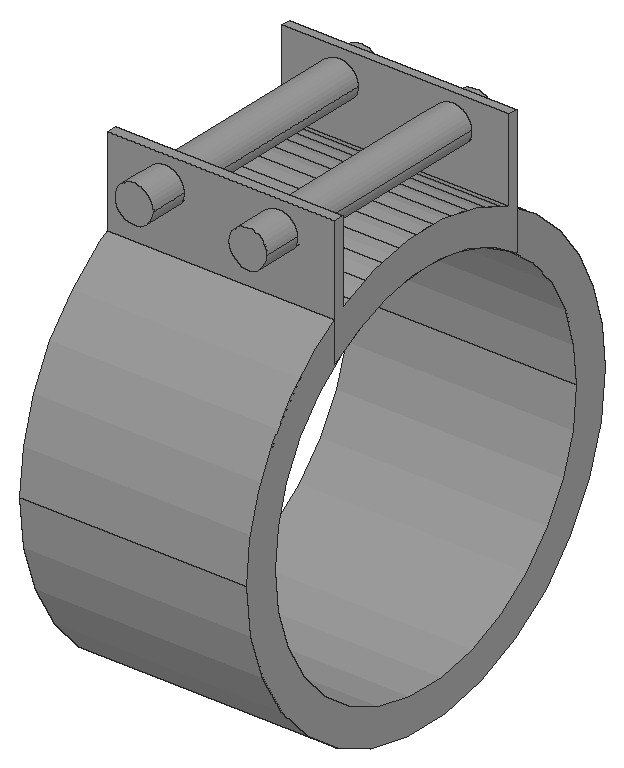
Revit family "BIMLIB_БыстроразъемныеХомуты_FCCr_SHUFT", category Соединительные детали воздуховодов, Revit 2017
Family settings
  Размер круглого соединителя = Использовать диаметр
  Тип детали = Соединение
  На основе рабочей плоскости = Нет
  Всегда вертикально = Да
  При загрузке вырезать с полостями = Нет
  Общий = Нет
Parameters
  Описание = "Быстроразъемные хомуты серии FCCr предназначены для быстрого и надежного монтажа и соединения различных элементов вентиляционной системы круглого сечения.\r\n\r\nХомуты cерии FCCr изготавливаются из полосы оцинкованной стали, на которую наклеивается микропористая резина толщиной 10 мм для улучшения герметизации соединений и снижения вибраций."  # constant formula
  Изготовитель = "ООО «Завод ВКО» марка SHUFT"  # constant formula
  r1 [instance] = D1 / 2  # 59 mm
  r [instance] = D / 2  # 50 mm
  Watermark [instance] = "Модели защищены уникальным кодом"
  URL = "http://www.shuft.ru/"
  D1 [instance] = size_lookup("FCCr", "D1", 0 mm, D)  # 118 mm
  H [instance] = size_lookup("FCCr", "H", 0 mm, D)  # 148 mm
  D [instance] = ADSK_Размер_Диаметр  # 100 mm
  L = 60 mm
  BL_Разработано = "support@bimlib.pro"  # constant formula
  BL_Email = "bimmodels@rusklimat.ru"  # constant formula
  BL_BIM library = "https://bimlib.pro/manufacturer/company/23829"
  ADSK_Размер_Диаметр [instance] = 100 mm
  ADSK_Примечание [instance] = ""
  ADSK_Позиция = ""
  ADSK_Обозначение = ""
  ADSK_Наименование [instance] = if(and(ADSK_Размер_Диаметр = 100 mm), "Быстроразъемные хомуты FCC 100", if(and(ADSK_Размер_Диаметр = 125 mm), "Быстроразъемные хомуты FCC 125", if(and(ADSK_Размер_Диаметр = 160 mm), "Быстроразъемные хомуты FCC 160", if(and(ADSK_Размер_Диаметр = 200 mm), "Быстроразъемные хомуты FCC 200", if(and(ADSK_Размер_Диаметр = 250 mm), "Быстроразъемные хомуты FCC 250", if(and(ADSK_Размер_Диаметр = 315 mm), "Быстроразъемные хомуты FCC 315", if(and(ADSK_Размер_Диаметр = 355 mm), "Быстроразъемные хомуты FCC 355", if(and(ADSK_Размер_Диаметр = 400 mm), "Быстроразъемные хомуты FCC 400", if(and(ADSK_Размер_Диаметр = 450 mm), "Быстроразъемные хомуты FCC 450", if(and(ADSK_Размер_Диаметр = 500 mm), "Быстроразъемные хомуты FCC 500", if(and(ADSK_Размер_Диаметр = 630 mm), "Быстроразъемные хомуты FCC 630", "Решение не найдено")))))))))))  # "Быстроразъемные хомуты FCC 100"
  ADSK_Материал = BIMLIB_Сталь_SHUFT
  ADSK_Масса [instance] = size_lookup("FCCr", "ADSK_Масса", 0, D)  # 0.12
  ADSK_Марка [instance] = size_lookup("FCCr", "", "Нет решения", D)  # "FCC 100"
  ADSK_Код изделия [instance] = ADSK_Марка  # "FCC 100"
  ADSK_Завод-изготовитель = "ООО «Завод ВКО» марка SHUFT"  # constant formula
  ADSK_Единица измерения = "шт."  # constant formula
  ADSK_Версия семейства = "v.1"  # constant formula
  ADSK_Версия Revit = "2017"  # constant formula
  ADSK_URL страницы изделия = "http://www.shuft.ru/catalog/1/201/3010/4034/"
  ADSK_URL документации изделия = "http://www.shuft.ru/documentation/"
Reference planes
  plane 1 "По центру (Вперед/Назад)": y = 0
  plane 2: z = 0
  plane 3 "По центру (Влево/Вправо)": x = 0
  plane 4: x = -30
  plane 5: x = 30
  plane 6: z = 74
  plane 7: z = -74
  plane 8: y = 30
  plane 9: y = -30
  plane 10: y = -27.5
  plane 11: y = 27.5
  plane 12: x = -15
  plane 13: x = 15
  plane 14: z = 66.5
  plane 15: y = -40
  plane 16: y = 35
Forms (mm)
  Extrusion 1, solid, material "BIMLIB_Сталь_SHUFT" <- "ADSK_Материал", detail levels medium+fine
    sketch origin (0, 0, 0) x (0, 1, 0) y (0, 0, 1)
      loop
        circle (0, 0) r 59
    from -30 to 30
  Extrusion 2, solid, material "BIMLIB_Сталь_SHUFT" <- "ADSK_Материал", detail levels fine
    sketch origin (0, 0, 0) x (1, 0, 0) y (0, 0, 1)
      loop
        line (-30, 74) -> (-30, 0) -> (30, 0) -> (30, 74) -> (-30, 74)
    from -30 to 30
  Extrusion 3, void
    sketch origin (0, 0, 0) x (0, 1, 0) y (0, 0, 1)
      loop
        circle (0, 0) r 50
    from -30 to 30
  Extrusion 4, void
    sketch origin (0, 0, 0) x (0, 1, 0) y (0, 0, 1)
      loop
        line (-27.5, 74) -> (-27.5, 52.199)
        arc (-27.5, 52.199) -> (0, 59) -> (27.5, 52.199) r 59
        line (27.5, 52.199) -> (27.5, 74) -> (-27.5, 74)
    from -30 to 30
  Extrusion 5, solid, material "BIMLIB_Сталь_SHUFT" <- "ADSK_Материал", detail levels fine
    sketch origin (0, 0, 0) x (1, 0, 0) y (0, 0, 1)
      loop
        circle (-15, 66.5) r 5
    from -35 to 40
  Extrusion 6, solid, material "BIMLIB_Сталь_SHUFT" <- "ADSK_Материал", detail levels fine
    sketch origin (0, 0, 0) x (-1, 0, 0) y (0, 0, -1)
      loop
        circle (-15, -66.5) r 5
    from -35 to 40
Cuts and joins
  Extrusion 3, Extrusion 4 cuts Extrusion 1
  Extrusion 3, Extrusion 4 cuts Extrusion 2
Dimensions and locks
  "L": plane 5 to plane 4
  plane 9 to plane 8 = 60 mm
  locked: plane 9 to plane 10 at 2.5
  locked: plane 11 to plane 8 at 2.5
  "H": plane 6 to plane 7
  equal spacing: plane 6, level, plane 7
  locked: plane 4 to plane 12 at 15
  locked: plane 5 to plane 13 at 15
  locked: plane 6 to plane 14 at 7.5
  locked: plane 8 to plane 16 at 5
  locked: plane 15 to plane 9 at 10
  "r1": radius of Extrusion 1 sketch curve
  "r": radius of Extrusion 3 sketch curve
  aligned and locked: level to plane 2
  aligned and locked: Extrusion 1 to plane 4
  aligned and locked: plane 5 to Extrusion 1
  aligned and locked: Extrusion 2 sketch curve to plane 6
  aligned and locked: plane 4 to Extrusion 2 sketch curve
  aligned and locked: Extrusion 2 to level
  aligned and locked: Extrusion 3 to plane 4
  aligned and locked: plane 5 to Extrusion 3
  aligned and locked: Extrusion 4 to plane 4
  aligned and locked: plane 5 to Extrusion 4
  aligned and locked: plane 6 to Extrusion 4
  aligned and locked: Extrusion 5 to plane 15
  aligned and locked: plane 16 to Extrusion 5
Automatic sketch dimensions
  Extrusion 2 sketch curve to level = 0 mm
  Extrusion 2 sketch curve to plane 5 = 0 mm
  Extrusion 4 sketch curve to plane 6 = 0 mm
  Extrusion 4 sketch curve to plane 10 = 0 mm
  Extrusion 4 sketch curve to level = 0 mm
  Extrusion 4 sketch curve to plane 1 "По центру (Вперед/Назад)" = 0 mm
  Extrusion 4 sketch curve to plane 11 = 0 mm
  Extrusion 4 sketch curve to plane 14 = 14.301 mm
  plane 12 to Extrusion 5 sketch curve = 0 mm
  Extrusion 5 sketch curve to plane 14 = 0 mm
  Extrusion 6 sketch curve to plane 13 = 0 mm
  Extrusion 6 sketch curve to plane 14 = 0 mm
  Extrusion 1 sketch curve to level = 0 mm
  Extrusion 1 sketch curve to plane 1 "По центру (Вперед/Назад)" = 0 mm
  Extrusion 3 sketch curve to level = 0 mm
  Extrusion 3 sketch curve to plane 1 "По центру (Вперед/Назад)" = 0 mm
  radius of Extrusion 5 sketch curve = 5 mm
  radius of Extrusion 6 sketch curve = 5 mm
Connectors
  hvac at (0, 0, 0), driven by "ADSK_Размер_Диаметр"
    settings: on plane 3 "По центру (Влево/Вправо)", index 3, duct flow 0.0 L/s, flow factor 0, pres drop 0.0 Pa, loss coef 0, conn angle 0.00°, conn width 304.8 mm, conn height 304.8 mm, conn diameter 100 mm, duct sys type 28, conn prof type 0, flow config 0, flow direction 0, loss method 0, conn ref index 4, conn util no, is conn primary yes, conn desc ""
  hvac at (0, 0, 0), driven by "ADSK_Размер_Диаметр"
    settings: on plane 3 "По центру (Влево/Вправо)", index 4, duct flow 0.0 L/s, flow factor 0, pres drop 0.0 Pa, loss coef 0, conn angle 0.00°, conn width 304.8 mm, conn height 304.8 mm, conn diameter 100 mm, duct sys type 28, conn prof type 0, flow config 0, flow direction 0, loss method 0, conn ref index 3, conn util no, is conn primary no, conn desc ""
